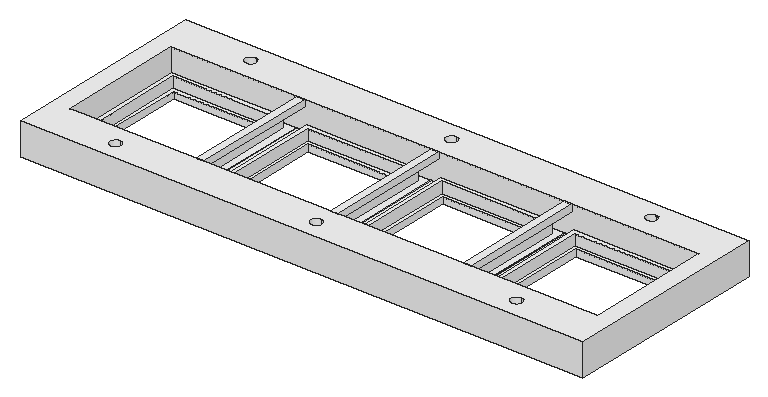
Revit family "Gira_021467", category Electrical Fixtures, host Face, Revit 2017
Family settings
  Host = Face
  Maintain Annotation Orientation = No
  Round Connector Dimension = Use Diameter
  Part Type = Normal
  Cut with Voids When Loaded = No
  Shared = No
  Room Calculation Point = No
Parameters (values of type "Abdeckrahmen 4f Gira TX_44 (WG UP) Anthrazit")
  Werkstoffgüte = "Thermoplast"
  Werkstoff = "Kunststoff"
  URL = "http://katalog.gira.de/de_DE/datenblatt.html?artikelnr=021467"
  Transparent = "No"
  Textfeld/Beschriftungsfläche = "No"
  Schutzart (IP) = "IP44"
  Region = "DE"
  Oberfläche = "lackiert"
  Name = "Abdeckrahmen 4f Gira TX_44 (WG UP) Anthrazit"
  Montagerichtung = "horizontal und vertikal"
  Mit Montagerahmen = "No"
  Mit Klappdeckel = "No"
  Manufacturer URL = "https://www.gira.de/"
  Keynote = "TX44_Rahmen_4fach"
  HeinzeBIM = "https://bimportal.heinze.de/bim/abdeckrahmen-4f-gira-tx-44-wg-up-anthrazit/ccc9d271079fa9e353ab47d7c24f357430a4e198"
  Halogenfrei = "No"
  HAN = "021467"
  Geeignet für Unterputz-Installation = "Yes"
  Geeignet für Unterflurkanaldose = "No"
  Geeignet für Geräteeinbaukanal = "No"
  Geeignet für Einbauinstallation = "No"
  GTIN = "4010337214670"
  Farbe = "anthrazit"
  Default Elevation = 1219.2 mm
  Data sheet (1) = "https://katalog.gira.de/de_DE/download.html?artikelnr=021467"
  Category = "Abdeckrahmen"
  Befestigungsart = "Klemmbefestigung"
  Available = "Yes"
  Anzahl der Einheiten vertikal = "4 "
  Anzahl der Einheiten horizontal = "4 "
  Anzahl der Einheiten = "4 "
Reference planes
  plane 1 "Center (Front/Back)": y = 0
  plane 2: z = 0
  plane 3 "Center (Left/Right)": x = 0
  plane 4: x = -69.25
  plane 5: x = -73.25
  plane 6: x = 150
Forms (mm)
  Extrusion 1, solid, material "White", detail levels fine
    sketch origin (-107.091, 0, 0) x (0, -1, 0) y (1, 0, 0)
      loop
        line (-54.959, 257.091) -> (-54.959, -42.909) -> (54.959, -42.909) -> (54.959, 257.091) -> (-54.959, 257.091)
      loop
        line (-33.5, -33.5) -> (33.5, -33.5) -> (33.5, 247.683) -> (-33.5, 247.683) -> (-33.5, -33.5)
      loop
        circle (-45, -0.006) r 3
      loop
        circle (44.992, 0.001) r 3
      loop
        circle (-45, 213.594) r 3
      loop
        circle (44.992, 213.601) r 3
      loop
        circle (-45, 106.944) r 3
      loop
        circle (44.992, 106.951) r 3
    from 0 to 16.9
  Extrusion 2, solid, material "White", detail levels fine
    sketch origin (-107.091, 0, 0) x (0, -1, 0) y (1, 0, 0)
      loop
        line (-25.5, 25.5) -> (-25.5, -25.5) -> (25.5, -25.5) -> (25.5, 25.5) -> (-25.5, 25.5)
      loop
        line (-33.5, 33.5) -> (-33.5, -33.5) -> (33.5, -33.5) -> (33.5, 33.5) -> (-33.5, 33.5)
    from -1.6 to 2
  Extrusion 3, solid, material "White", detail levels fine
    sketch origin (-107.091, 0, 0) x (0, -1, 0) y (1, 0, 0)
      loop
        line (-27.5, 27.5) -> (-27.5, -27.5) -> (27.5, -27.5) -> (27.5, 27.5) -> (-27.5, 27.5)
      loop
        line (-29.5, 29.5) -> (-29.5, -29.5) -> (29.5, -29.5) -> (29.5, 29.5) -> (-29.5, 29.5)
    from 2 to 7.8
  Extrusion 4, solid, material "White", detail levels coarse+medium
    sketch origin (-107.091, 0, 0) x (0, -1, 0) y (1, 0, 0)
      loop
        line (-54.959, 257.091) -> (-54.959, -42.909) -> (54.959, -42.909) -> (54.959, 257.091) -> (-54.959, 257.091)
    from -1.6 to 16.9
  Extrusion 5, solid, material "White", detail levels fine
    sketch origin (-35.409, 0, 0) x (0, -1, 0) y (1, 0, 0)
      loop
        line (-25.5, 25.5) -> (-25.5, -25.5) -> (25.5, -25.5) -> (25.5, 25.5) -> (-25.5, 25.5)
      loop
        line (-33.5, 33.5) -> (-33.5, -33.5) -> (33.5, -33.5) -> (33.5, 33.5) -> (-33.5, 33.5)
    from -1.6 to 2
  Extrusion 6, solid, material "White", detail levels fine
    sketch origin (-35.409, 0, 0) x (0, -1, 0) y (1, 0, 0)
      loop
        line (-27.5, 27.5) -> (-27.5, -27.5) -> (27.5, -27.5) -> (27.5, 27.5) -> (-27.5, 27.5)
      loop
        line (-29.5, 29.5) -> (-29.5, -29.5) -> (29.5, -29.5) -> (29.5, 29.5) -> (-29.5, 29.5)
    from 2 to 7.8
  Extrusion 7, solid, material "White", detail levels fine
    sketch origin (-107.091, 0, 0) x (0, -1, 0) y (1, 0, 0)
      loop
        line (-33.5, 38.183) -> (-33.5, 33.5) -> (33.5, 33.5) -> (33.5, 38.183) -> (-33.5, 38.183)
    from 0 to 2
  Extrusion 8, solid, material "White", detail levels fine
    sketch origin (-107.091, 0, 0) x (0, -1, 0) y (1, 0, 0)
      loop
        line (-33.5, 37.841) -> (-33.5, 33.841) -> (33.5, 33.841) -> (33.5, 37.841) -> (-33.5, 37.841)
    from 13.4 to 16.9
  Extrusion 9, solid, material "White", detail levels fine
    sketch origin (36.091, 0, 0) x (0, -1, 0) y (1, 0, 0)
      loop
        line (-25.5, 25.5) -> (-25.5, -25.5) -> (25.5, -25.5) -> (25.5, 25.5) -> (-25.5, 25.5)
      loop
        line (-33.5, 33.5) -> (-33.5, -33.5) -> (33.5, -33.5) -> (33.5, 33.5) -> (-33.5, 33.5)
    from -1.6 to 2
  Extrusion 10, solid, material "White", detail levels fine
    sketch origin (36.091, 0, 0) x (0, -1, 0) y (1, 0, 0)
      loop
        line (-27.5, 27.5) -> (-27.5, -27.5) -> (27.5, -27.5) -> (27.5, 27.5) -> (-27.5, 27.5)
      loop
        line (-29.5, 29.5) -> (-29.5, -29.5) -> (29.5, -29.5) -> (29.5, 29.5) -> (-29.5, 29.5)
    from 2 to 7.8
  Extrusion 11, solid, material "White", detail levels fine
    sketch origin (-35.591, 0, 0) x (0, -1, 0) y (1, 0, 0)
      loop
        line (-33.5, 38.183) -> (-33.5, 33.683) -> (33.5, 33.683) -> (33.5, 38.183) -> (-33.5, 38.183)
    from 0 to 2
  Extrusion 12, solid, material "White", detail levels fine
    sketch origin (-35.591, 0, 0) x (0, -1, 0) y (1, 0, 0)
      loop
        line (-33.5, 37.841) -> (-33.5, 33.841) -> (33.5, 33.841) -> (33.5, 37.841) -> (-33.5, 37.841)
    from 13.4 to 16.9
  Extrusion 13, solid, material "White", detail levels fine
    sketch origin (107.091, 0, 0) x (0, -1, 0) y (1, 0, 0)
      loop
        line (-25.5, 25.5) -> (-25.5, -25.5) -> (25.5, -25.5) -> (25.5, 25.5) -> (-25.5, 25.5)
      loop
        line (-33.5, 33.5) -> (-33.5, -33.5) -> (33.5, -33.5) -> (33.5, 33.5) -> (-33.5, 33.5)
    from -1.6 to 2
  Extrusion 14, solid, material "White", detail levels fine
    sketch origin (107.091, 0, 0) x (0, -1, 0) y (1, 0, 0)
      loop
        line (-27.5, 27.5) -> (-27.5, -27.5) -> (27.5, -27.5) -> (27.5, 27.5) -> (-27.5, 27.5)
      loop
        line (-29.5, 29.5) -> (-29.5, -29.5) -> (29.5, -29.5) -> (29.5, 29.5) -> (-29.5, 29.5)
    from 2 to 7.8
  Extrusion 15, solid, material "White", detail levels fine
    sketch origin (35.409, 0, 0) x (0, -1, 0) y (1, 0, 0)
      loop
        line (-33.5, 38.183) -> (-33.5, 33.841) -> (33.5, 33.841) -> (33.5, 38.183) -> (-33.5, 38.183)
    from 0 to 2
  Extrusion 16, solid, material "White", detail levels fine
    sketch origin (35.409, 0, 0) x (0, -1, 0) y (1, 0, 0)
      loop
        line (-33.5, 37.841) -> (-33.5, 33.841) -> (33.5, 33.841) -> (33.5, 37.841) -> (-33.5, 37.841)
    from 13.4 to 16.9
Dimensions and locks
  aligned and locked: plane 2 to host face
  aligned and locked: level to host face
